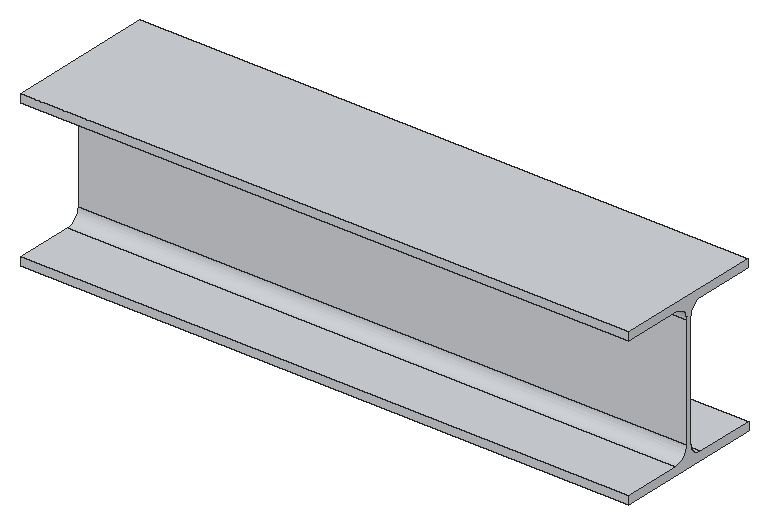
Revit family "BHE_StructuralFraming_H-WideFlangeBeams", category Structural Framing, Revit 2018
Family settings
  Structural Framing Length Roundoff = 1 mm
  Section Shape = I-shape Parallel Flange
  Material for Model Behavior = Steel
  Always export as geometry = No
  Always vertical = Yes
  Cut with Voids When Loaded = No
  Symbolic Representation = From Project Settings
  Shared = No
  Show family pre-cut in plan views = Yes
Parameters (values of type "HE320A")
  Width = 300 mm
  Web Toe of Fillet = 0 mm
  Web Thickness = 9 mm
  Web Fillet = 27 mm
  Warping Constant = (empty or 0)
  Torsional Moment of Inertia = 0 cm⁴
  Torsional Modulus = 0 cm³
  Structural Material [instance] = none
  Shear Area weak axis = 0.0 cm²
  Shear Area strong axis = 0.0 cm²
  Section Area = 0.0 cm²
  Principal Axes Angle = 0.00°
  Plastic Modulus weak axis = 0 cm³
  Plastic Modulus strong axis = 0 cm³
  Perimeter = (empty or 0)
  Nominal Weight = 0 N/m
  Moment of Inertia weak axis = 0 cm⁴
  Moment of Inertia strong axis = 0 cm⁴
  Height = 310 mm
  Flange Toe of Fillet = 0 mm
  Flange Thickness = 16 mm
  Elastic Modulus weak axis = 0 cm³
  Elastic Modulus strong axis = 0 cm³
  Clear Web Height = 0 mm
  Centroid Vertical = 0 mm
  Centroid Horizontal = 0 mm
  Bolt Spacing = 0 mm
  built-in parameter 1005539 = (empty or 0)
  Assembly Code = ""
  Length [instance] = 1500 mm
Reference planes
  plane 1 "Center (Front/Back)": y = 0
  plane 2: z = 0
  plane 3 "Center (Left/Right)": x = 4.61
  plane 4 "Member Left": x = -604.99
  plane 5 "Member Right": x = 614.21
  plane 6: y = 150
  plane 7: y = -150
  plane 8 "Top": z = 155
  plane 9: z = -155
  plane 10 "Right": x = 766.61
  plane 11 "Left": x = -733.39
Forms (mm)
  Sweep 1, solid, material <- "Structural Material", detail levels fine
    path origin (0, 0, 0) x (1, 0, 0) y (0, 1, 0)
      loop
        line (614.21, 0) -> (-604.99, 0)
    profile "BHE_IProfile-Fine : BHE_IProfile-Fine" origin (4.61, 0, 0) x (0, -1, 0) y (0, 0, 1)
      loop
        line (-150, -155) -> (150, -155) -> (150, -139) -> (31.5, -139)
        arc (31.5, -139) -> (12.408, -131.092) -> (4.5, -112) r 27
        line (4.5, -112) -> (4.5, 112)
        arc (4.5, 112) -> (12.408, 131.092) -> (31.5, 139) r 27
        line (31.5, 139) -> (150, 139) -> (150, 155) -> (-150, 155) -> (-150, 139) -> (-31.5, 139)
        arc (-31.5, 139) -> (-12.408, 131.092) -> (-4.5, 112) r 27
        line (-4.5, 112) -> (-4.5, -112)
        arc (-4.5, -112) -> (-12.408, -131.092) -> (-31.5, -139) r 27
        line (-31.5, -139) -> (-150, -139) -> (-150, -155)
  Sweep 2, solid, material <- "Structural Material", detail levels medium
    path origin (0, 0, 0) x (1, 0, 0) y (0, 1, 0)
      loop
        line (614.21, 0) -> (-604.99, 0)
    profile "BHE_IProfile-Medium : BHE_IProfile-Medium" origin (4.61, 0, 0) x (0, -1, 0) y (0, 0, 1)
      loop
        line (-150, -155) -> (150, -155) -> (150, -139) -> (4.5, -139) -> (4.5, 139) -> (150, 139) -> (150, 155) -> (-150, 155) -> (-150, 139) -> (-4.5, 139) -> (-4.5, -139) -> (-150, -139) -> (-150, -155)
Lines and regions (mm)
  symbolic lines, style "Hidden Faces", detail levels medium+fine
    curve 1: line (614.21, -6.5, 0) -> (-604.99, -6.5, 0)
    curve 2: line (614.21, 6.5, 0) -> (-604.99, 6.5, 0)
  symbolic lines, style "Stick Symbols", detail levels coarse
    curve 3: line (4.61, 150, 155) -> (4.61, -150, 155)
    curve 4: line (4.61, -150, -155) -> (4.61, 150, -155)
    curve 5: line (4.61, 0, -155) -> (4.61, 0, 155)
Dimensions and locks
  plane 6 to plane 7 = 300 mm
  plane 9 to plane 8 "Top" = 310 mm
  equal spacing: plane 9, plane 2, plane 8 "Top"
  equal spacing: plane 6, plane 1 "Center (Front/Back)", plane 7
  "Length": plane 11 "Left" to plane 10 "Right"
  aligned and locked: Sweep 1 sketch curve to plane 1 "Center (Front/Back)"
  aligned and locked: Sweep 2 sketch curve to plane 1 "Center (Front/Back)"
  aligned and locked: Sweep 2 to curve 3  (x2)
  aligned and locked: Sweep 2 to curve 4  (x2)
  aligned and locked: curve 3 to Sweep 2
  aligned and locked: curve 4 to Sweep 2
  aligned and locked: plane 4 "Member Left" to Sweep 1 sketch curve
  aligned and locked: plane 5 "Member Right" to Sweep 1 sketch curve
  aligned and locked: plane 4 "Member Left" to Sweep 2 sketch curve
  aligned and locked: plane 5 "Member Right" to Sweep 2 sketch curve
  aligned and locked: plane 4 "Member Left" to curve 1
  aligned and locked: plane 5 "Member Right" to curve 1
  aligned and locked: plane 4 "Member Left" to curve 2
  aligned and locked: plane 5 "Member Right" to curve 2
Automatic sketch dimensions
  plane 1 "Center (Front/Back)" to curve 1 = 6.5 mm
  curve 2 to plane 1 "Center (Front/Back)" = 6.5 mm
  curve 5 to plane 1 "Center (Front/Back)" = 0 mm
